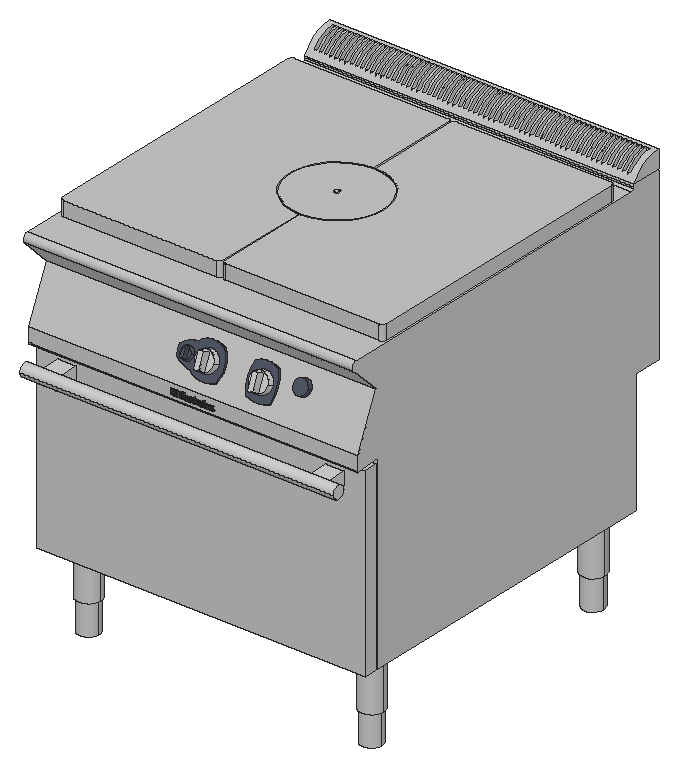
Revit family "QF_ELECTROLUXPROFESSIONAL_391264_E9STGH10GA", category Specialty Equipment, Revit 2018 (continued)
Definition of nested family "ELX_Knob_2"
  Forms (mm)
    Blend 5, solid
      base sketch origin (-27.813, -48.923, 3.175) x (1, 0, 0) y (0, 1, 0)
        loop
          circle (-4.687, 48.923) r 15
      top sketch origin (-27.813, -48.923, 3.175) x (1, 0, 0) y (0, 1, 0)
        loop
          circle (-4.687, 48.923) r 13
      from 0 to 7
    Blend 6, solid
      base sketch origin (-27.813, -48.923, 10.175) x (1, 0, 0) y (0, 1, 0)
        loop
          arc (-0.687, 61.293) -> (-4.687, 61.923) -> (-8.687, 61.293) r 13
          line (-8.687, 61.293) -> (-8.687, 36.554)
          arc (-8.687, 36.554) -> (-4.687, 35.923) -> (-0.687, 36.554) r 13
          line (-0.687, 36.554) -> (-0.687, 61.293)
      top sketch origin (-27.813, -48.923, 10.175) x (1, 0, 0) y (0, 1, 0)
        loop
          line (-8.687, 58.216) -> (-8.687, 39.631)
          arc (-8.687, 39.631) -> (-4.687, 39) -> (-0.687, 39.631) r 13
          line (-0.687, 39.631) -> (-0.687, 58.216)
          arc (-0.687, 58.216) -> (-4.687, 58.847) -> (-8.687, 58.216) r 13
      from 0 to 10
  Dimensions and locks
    aligned and locked: plane 2 to Extrusion 1
    aligned and locked: level to Extrusion 1
Definition of nested family "ELX_Logo_S"
  Parameters
    Default Elevation = 0 mm
  Reference planes
    plane 1 "Centro (Fronte/Retro)": y = 0
    plane 2: z = 0
    plane 3 "Centro (Sinistra/Destra)": x = 0
  Forms (mm)
    Extrusion 1, solid
      sketch origin (0, 0, 0) x (1, 0, 0) y (0, 1, 0)
        loop
          line (-1219.2, 1219.2) -> (-1219.2, -1219.2) -> (1219.2, -1219.2) -> (1219.2, 1219.2) -> (-1219.2, 1219.2)
      from 0 to -304.8
    Extrusion 2, solid
      sketch origin (0, 0, 0) x (1, 0, 0) y (0, 1, 0)
        loop
          line (-43.793, 5.912) -> (-43.793, -6.455)
          arc (-43.793, -6.455) -> (-39.222, -0.272) -> (-43.793, 5.912) r 6.467
        loop
          arc (-44.422, 5.912) -> (-49.565, 4.743) -> (-52.043, 0.087) r 6.338
          line (-52.043, 0.087) -> (-49.997, 0.087)
          arc (-49.997, 0.087) -> (-46.342, 1.57) -> (-44.422, 5.016) r 5.941
          line (-44.422, 5.016) -> (-44.422, 5.912)
        loop
          arc (-44.422, -5.559) -> (-46.342, -2.114) -> (-49.997, -0.63) r 5.941
          line (-49.997, -0.63) -> (-52.043, -0.63)
          arc (-52.043, -0.63) -> (-49.569, -5.324) -> (-44.422, -6.614) r 6.504
          line (-44.422, -6.614) -> (-44.422, -5.559)
        loop
          line (-52.512, 6.586) -> (-52.512, -7.158) -> (-38.749, -7.158) -> (-38.749, 6.586) -> (-52.512, 6.586)
        loop
          arc (-35.782, 6.67) -> (-36.139, 6.322) -> (-35.801, 5.955) r 0.358
          arc (-35.801, 5.955) -> (-35.051, 5.641) -> (-34.666, 4.924) r 1.216
          line (-34.666, 4.924) -> (-34.666, -5.488)
          arc (-34.666, -5.488) -> (-34.944, -6.148) -> (-35.54, -6.544) r 1.238
          arc (-35.54, -6.544) -> (-35.791, -6.939) -> (-35.437, -7.244) r 0.358
          line (-35.437, -7.244) -> (-25.558, -7.244) -> (-25.558, -4.494) -> (-26.455, -4.494)
          arc (-26.455, -4.494) -> (-27.035, -5.403) -> (-28.012, -5.858) r 1.928
          line (-28.012, -5.858) -> (-30.511, -5.858)
          arc (-30.511, -5.858) -> (-31.24, -5.583) -> (-31.604, -4.894) r 1.101
          line (-31.604, -4.894) -> (-31.604, -0.808) -> (-27.931, -0.808)
          arc (-27.931, -0.808) -> (-27.434, -1.16) -> (-27.206, -1.725) r 1.083
          arc (-27.206, -1.725) -> (-26.9, -1.989) -> (-26.622, -1.697) r 0.292
          line (-26.622, -1.697) -> (-26.622, 1.265)
          arc (-26.622, 1.265) -> (-26.895, 1.568) -> (-27.225, 1.329) r 0.305
          arc (-27.225, 1.329) -> (-27.473, 0.839) -> (-27.931, 0.534) r 1.083
          line (-27.931, 0.534) -> (-31.604, 0.534) -> (-31.604, 5.211) -> (-27.857, 5.211)
          arc (-27.857, 5.211) -> (-27.101, 4.997) -> (-26.603, 4.39) r 1.314
          arc (-26.603, 4.39) -> (-26.199, 4.171) -> (-25.907, 4.526) r 0.361
          line (-25.907, 4.526) -> (-25.907, 6.67) -> (-35.782, 6.67)
        loop
          arc (-25.126, 5.953) -> (-24.207, 5.572) -> (-23.827, 4.654) r 1.299
          line (-23.827, 4.654) -> (-23.827, -4.925)
          arc (-23.827, -4.925) -> (-24.205, -5.763) -> (-25.083, -6.035) r 1.118
          line (-25.083, -6.035) -> (-25.083, -7.244) -> (-19.733, -7.244) -> (-19.733, -6.056)
          arc (-19.733, -6.056) -> (-20.65, -5.784) -> (-21.046, -4.914) r 1.153
          line (-21.046, -4.914) -> (-21.046, 7.158) -> (-25.126, 5.953)
        loop
          line (-17.097, -2.28) -> (-10.65, -2.28) -> (-10.65, -1.481)
          arc (-10.65, -1.481) -> (-11.634, 1.1) -> (-14.088, 2.369) r 3.874
          line (-14.088, 2.369) -> (-15.848, 2.369)
          arc (-15.848, 2.369) -> (-18.713, 1.182) -> (-19.899, -1.682) r 4.051
          line (-19.899, -1.682) -> (-19.899, -3.691)
          arc (-19.899, -3.691) -> (-18.414, -6.509) -> (-15.407, -7.561) r 4.352
          arc (-15.407, -7.561) -> (-12.944, -7.196) -> (-10.87, -5.819) r 5.713
          line (-10.87, -5.819) -> (-10.87, -4.87)
          arc (-10.87, -4.87) -> (-12.439, -5.603) -> (-14.157, -5.819) r 5.579
          arc (-14.157, -5.819) -> (-16.12, -5.025) -> (-17.097, -3.146) r 3.057
          line (-17.097, -3.146) -> (-17.097, -2.28)
        loop
          line (-17.097, -1.02) -> (-13.515, -1.02)
          arc (-13.515, -1.02) -> (-13.468, 0.436) -> (-14.627, 1.319) r 1.59
          line (-14.627, 1.319) -> (-15.457, 1.319)
          arc (-15.457, 1.319) -> (-16.712, 0.455) -> (-17.097, -1.02) r 2.184
        loop
          arc (-1.232, 1.771) -> (-2.906, 2.259) -> (-4.643, 2.417) r 9.023
          line (-4.643, 2.417) -> (-6.005, 2.417)
          arc (-6.005, 2.417) -> (-8.805, 1.257) -> (-9.965, -1.542) r 3.959
          line (-9.965, -1.542) -> (-9.965, -4.142)
          arc (-9.965, -4.142) -> (-8.672, -6.424) -> (-6.299, -7.541) r 4.331
          line (-6.299, -7.541) -> (-4.164, -7.541)
          arc (-4.164, -7.541) -> (-2.614, -7.033) -> (-1.268, -6.112) r 5.772
          arc (-1.268, -6.112) -> (-1.217, -5.35) -> (-1.976, -5.263) r 0.553
          arc (-1.976, -5.263) -> (-2.71, -5.651) -> (-3.529, -5.785) r 2.573
          line (-3.529, -5.785) -> (-5.044, -5.785)
          arc (-5.044, -5.785) -> (-6.686, -4.779) -> (-7.328, -2.965) r 2.884
          line (-7.328, -2.965) -> (-7.328, -1.686)
          arc (-7.328, -1.686) -> (-6.768, 0.135) -> (-5.103, 1.062) r 2.554
          line (-5.103, 1.062) -> (-4.05, 1.062)
          arc (-4.05, 1.062) -> (-3.122, 0.73) -> (-2.387, 0.073) r 2.564
          arc (-2.387, 0.073) -> (-1.67, -0.148) -> (-1.232, 0.461) r 0.643
          line (-1.232, 0.461) -> (-1.232, 1.771)
        loop
          line (-0.962, 0.752) -> (0.539, 0.752) -> (0.539, -5.296)
          arc (0.539, -5.296) -> (1.197, -6.884) -> (2.785, -7.541) r 2.246
          line (2.785, -7.541) -> (4.369, -7.541)
          arc (4.369, -7.541) -> (5.233, -7.228) -> (6.005, -6.727) r 4.06
          arc (6.005, -6.727) -> (6.138, -5.995) -> (5.437, -5.743) r 0.576
          arc (5.437, -5.743) -> (4.911, -5.849) -> (4.379, -5.785) r 1.69
          arc (4.379, -5.785) -> (3.591, -5.244) -> (3.288, -4.337) r 1.506
          line (3.288, -4.337) -> (3.288, 0.801) -> (5.685, 0.801) -> (6.241, 1.357) -> (6.241, 2.179) -> (3.382, 2.179) -> (3.382, 5.41) -> (-0.962, 0.752)
        loop
          line (7.139, -7.324) -> (12.526, -7.324) -> (12.526, -6.214)
          arc (12.526, -6.214) -> (11.575, -5.82) -> (11.181, -4.869) r 1.345
          line (11.181, -4.869) -> (11.181, -1.253)
          arc (11.181, -1.253) -> (11.773, -0.488) -> (12.695, -0.199) r 1.615
          line (12.695, -0.199) -> (14.251, -0.199) -> (14.936, 2.357) -> (13.553, 2.357) -> (10.994, 0.414) -> (10.994, 2.295) -> (8.288, 2.01)
          arc (8.288, 2.01) -> (7.758, 1.571) -> (7.959, 0.912) r 0.621
          arc (7.959, 0.912) -> (8.301, 0.512) -> (8.484, 0.018) r 1.501
          line (8.484, 0.018) -> (8.484, -4.869)
          arc (8.484, -4.869) -> (8.09, -5.82) -> (7.139, -6.214) r 1.345
          line (7.139, -6.214) -> (7.139, -7.324)
        loop
          line (14.473, -1.222) -> (14.473, -3.914)
          arc (14.473, -3.914) -> (15.781, -6.36) -> (18.311, -7.494) r 4.288
          arc (18.311, -7.494) -> (19.692, -7.557) -> (21.072, -7.494) r 15.022
          arc (21.072, -7.494) -> (23.603, -6.36) -> (24.91, -3.914) r 4.288
          line (24.91, -3.914) -> (24.91, -1.222)
          arc (24.91, -1.222) -> (23.603, 1.223) -> (21.072, 2.357) r 4.288
          arc (21.072, 2.357) -> (19.692, 2.421) -> (18.311, 2.357) r 15.022
          arc (18.311, 2.357) -> (15.781, 1.223) -> (14.473, -1.222) r 4.288
        loop
          line (17.587, -1.017) -> (17.587, -4.119)
          arc (17.587, -4.119) -> (19.744, -6.276) -> (21.901, -4.119) r 2.157
          line (21.901, -4.119) -> (21.901, -1.017)
          arc (21.901, -1.017) -> (19.744, 1.14) -> (17.587, -1.017) r 2.157
        loop
          arc (24.768, 5.964) -> (25.662, 5.593) -> (26.033, 4.699) r 1.264
          line (26.033, 4.699) -> (26.033, -5.165)
          arc (26.033, -5.165) -> (25.636, -6.035) -> (24.72, -6.307) r 1.153
          line (24.72, -6.307) -> (24.72, -7.244) -> (29.828, -7.244) -> (29.828, -6.316)
          arc (29.828, -6.316) -> (29.056, -5.957) -> (28.741, -5.165) r 1.153
          line (28.741, -5.165) -> (28.741, 7.158) -> (24.768, 5.964)
        loop
          arc (29.365, 1.084) -> (30.43, 0.885) -> (30.912, -0.085) r 1.215
          line (30.912, -0.085) -> (30.912, -5.105)
          arc (30.912, -5.105) -> (31.559, -6.719) -> (33.142, -7.44) r 2.338
          line (33.142, -7.44) -> (34.657, -7.44)
          arc (34.657, -7.44) -> (35.661, -7.266) -> (36.547, -6.763) r 2.979
          line (36.547, -6.763) -> (38.344, -7.244) -> (40.032, -7.244) -> (40.032, 2.181) -> (35.829, 1.887) -> (35.829, 1.101)
          arc (35.829, 1.101) -> (36.665, 0.745) -> (37.174, -0.007) r 1.605
          line (37.174, -0.007) -> (37.174, -5.11)
          arc (37.174, -5.11) -> (36.237, -5.531) -> (35.213, -5.603) r 2.94
          arc (35.213, -5.603) -> (34.112, -5.042) -> (33.669, -3.889) r 1.724
          line (33.669, -3.889) -> (33.669, 2.307) -> (29.365, 1.084)
        loop
          line (40.886, 2.112) -> (42.932, 0.44) -> (45.238, -2.734) -> (42.126, -6.191)
          arc (42.126, -6.191) -> (41.732, -6.428) -> (41.273, -6.405) r 0.789
          line (41.273, -6.405) -> (41.273, -7.244) -> (44.818, -7.244) -> (44.818, -6.418)
          arc (44.818, -6.418) -> (44.456, -6.076) -> (44.548, -5.586) r 0.52
          line (44.548, -5.586) -> (46.019, -3.786) -> (47.394, -5.904)
          arc (47.394, -5.904) -> (47.084, -6.305) -> (46.585, -6.392) r 0.7
          line (46.585, -6.392) -> (46.585, -7.244) -> (52.512, -7.244) -> (52.512, -6.358)
          arc (52.512, -6.358) -> (51.853, -6.291) -> (51.322, -5.896) r 1.247
          line (51.322, -5.896) -> (48.041, -1.696) -> (50.094, 0.751) -> (51.836, 2.112) -> (48.112, 2.112) -> (48.535, 0.627) -> (47.258, -0.895) -> (46.068, 0.806) -> (46.844, 2.112) -> (40.886, 2.112)
      from 0 to 1.644
  Dimensions and locks
    aligned and locked: plane 2 to Extrusion 1
    aligned and locked: level to Extrusion 1
Definition of nested family "ELX_Solid_Top_2"
  Parameters
    Default Elevation = 0 mm
  Reference planes
    plane 1 "Centro (Fronte/Retro)": y = 0
    plane 2: z = 0
    plane 3 "Centro (Sinistra/Destra)": x = 0
  Forms (mm)
    Extrusion 1, solid
      sketch origin (0, 0, 0) x (1, 0, 0) y (0, 1, 0)
        loop
          line (-1219.2, 1219.2) -> (-1219.2, -1219.2) -> (1219.2, -1219.2) -> (1219.2, 1219.2) -> (-1219.2, 1219.2)
      from 0 to -304.8
    Extrusion 2, solid
      sketch origin (0, 0, 0) x (1, 0, 0) y (0, 1, 0)
        loop
          arc (-383.5, 352) -> (-390.571, 349.071) -> (-393.5, 342) r 10
          line (-393.5, 342) -> (-393.5, -341.999)
          arc (-393.5, -341.999) -> (-390.571, -349.071) -> (-383.5, -351.999) r 10
          line (-383.5, -351.999) -> (-11.5, -351.999)
          arc (-11.5, -351.999) -> (-4.429, -349.071) -> (-1.5, -341.999) r 10
          line (-1.5, -341.999) -> (-1.5, -114.99)
          arc (-1.5, -114.99) -> (-115, 0) -> (-1.5, 114.99) r 115
          line (-1.5, 114.99) -> (-1.5, 342)
          arc (-1.5, 342) -> (-4.429, 349.071) -> (-11.5, 352) r 10
          line (-11.5, 352) -> (-383.5, 352)
        loop
          circle (0, 0) r 5
        loop
          circle (0, 0) r 7
        loop
          circle (0, 0) r 112
        loop
          line (1.5, -114.99) -> (1.5, -341.999)
          arc (1.5, -341.999) -> (4.429, -349.071) -> (11.5, -351.999) r 10
          line (11.5, -351.999) -> (383.5, -351.999)
          arc (383.5, -351.999) -> (390.571, -349.071) -> (393.5, -341.999) r 10
          line (393.5, -341.999) -> (393.5, 342)
          arc (393.5, 342) -> (390.571, 349.071) -> (383.5, 352) r 10
          line (383.5, 352) -> (11.5, 352)
          arc (11.5, 352) -> (4.429, 349.071) -> (1.5, 342) r 10
          line (1.5, 342) -> (1.5, 114.99)
          arc (1.5, 114.99) -> (115, 0) -> (1.5, -114.99) r 115
      from 0 to 35
  Dimensions and locks
    aligned and locked: plane 2 to Extrusion 1
    aligned and locked: level to Extrusion 1
Definition of nested family "ELX_Knob_3"
  Parameters
    Default Elevation = 0 mm
  Reference planes
    plane 1 "Centro (Fronte/Retro)": y = 0
    plane 2: z = 0
    plane 3 "Centro (Sinistra/Destra)": x = 0
  Forms (mm)
    Extrusion 1, solid
      sketch origin (0, 0, 0) x (1, 0, 0) y (0, 1, 0)
        loop
          line (-1219.2, 1219.2) -> (-1219.2, -1219.2) -> (1219.2, -1219.2) -> (1219.2, 1219.2) -> (-1219.2, 1219.2)
      from 0 to -304.8
    Extrusion 2, solid
      sketch origin (4.687, -48.923, 0) x (1, 0, 0) y (0, 1, 0)
        loop
          arc (-33.568, 13.278) -> (-4.687, 6.509) -> (24.195, 13.278) r 65
          arc (24.195, 13.278) -> (31.381, 48.923) -> (24.195, 84.569) r 92
          arc (24.195, 84.569) -> (-4.687, 91.337) -> (-33.568, 84.569) r 65
          arc (-33.568, 84.569) -> (-40.754, 48.923) -> (-33.568, 13.278) r 92
      from 0 to 3.175
    Blend 3, solid
      base sketch origin (4.687, -48.923, 3.175) x (1, 0, 0) y (0, 1, 0)
        loop
          circle (-4.687, 48.923) r 25
      top sketch origin (4.687, -48.923, 3.175) x (1, 0, 0) y (0, 1, 0)
        loop
          circle (-4.687, 48.923) r 23
      from 0 to 13
    Blend 4, solid
      base sketch origin (4.687, -48.923, 16.175) x (1, 0, 0) y (0, 1, 0)
        loop
          arc (-10.687, 26.72) -> (-4.687, 25.923) -> (1.313, 26.72) r 23
          line (1.313, 26.72) -> (1.313, 71.127)
          arc (1.313, 71.127) -> (-4.687, 71.923) -> (-10.687, 71.127) r 23
          line (-10.687, 71.127) -> (-10.687, 26.72)
      top sketch origin (4.687, -48.923, 16.175) x (1, 0, 0) y (0, 1, 0)
        loop
          line (-10.687, 68.116) -> (-10.687, 29.731)
          arc (-10.687, 29.731) -> (-4.687, 29) -> (1.313, 29.731) r 25
          line (1.313, 29.731) -> (1.313, 68.116)
          arc (1.313, 68.116) -> (-4.687, 68.847) -> (-10.687, 68.116) r 25
      from 0 to 20
  Dimensions and locks
    aligned and locked: plane 2 to Extrusion 1
    aligned and locked: level to Extrusion 1
Definition of nested family "ELX_Button"
  Parameters
    Default Elevation = 0 mm
  Reference planes
    plane 1 "Centro (Fronte/Retro)": y = 0
    plane 2: z = 0
    plane 3 "Centro (Sinistra/Destra)": x = 0
  Forms (mm)
    Extrusion 1, solid
      sketch origin (0, 0, 0) x (1, 0, 0) y (0, 1, 0)
        loop
          line (-1219.2, 1219.2) -> (-1219.2, -1219.2) -> (1219.2, -1219.2) -> (1219.2, 1219.2) -> (-1219.2, 1219.2)
      from 0 to -304.8
    Extrusion 2, solid
      sketch origin (196.701, -43.19, 0) x (1, 0, 0) y (0, 1, 0)
        loop
          circle (-196.701, 43.19) r 18
      from 0 to 12
  Dimensions and locks
    aligned and locked: plane 2 to Extrusion 1
    aligned and locked: level to Extrusion 1
Definition of nested family "Foot_Ø50_H200"
  Reference planes
    plane 1 "Centro (Fronte/Retro)": y = 0
    plane 2: z = 0
    plane 3 "Centro (Sinistra/Destra)": x = 0
    plane 4: z = 200
  Forms (mm)
    Revolve 1, solid
      sketch origin (255.05, 0, 608.09) x (0, 0, 1) y (-1, 0, 0)
        loop
          line (-608.09, 255.05) -> (-608.09, 230.05) -> (-533.09, 230.05) -> (-533.09, 226.05) -> (-408.09, 226.05) -> (-408.09, 255.05) -> (-608.09, 255.05)
        axis (-608.09, 255.05) -> (-408.09, 255.05)
      angle from 0 to 360
  Dimensions and locks
    locked: Revolve 1 sketch curve to Revolve 1 sketch curve at 125
    aligned and locked: level to plane 2
    aligned and locked: plane 4 to Revolve 1 sketch curve
    aligned and locked: Revolve 1 sketch curve to level
    aligned and locked: plane 3 "Centro (Sinistra/Destra)" to Revolve 1 sketch curve
